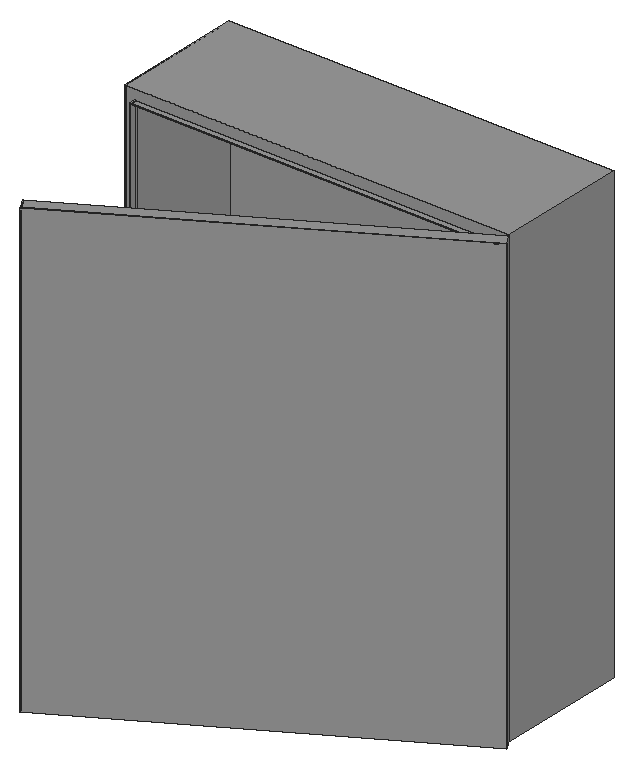
Revit family "Hager-Univers-IP44-D205-H650-Cl.II-Encl-NoHosted-FR-fr", category Electrical Equipment, Revit 2020
Family settings
  Panel Configuration = Two Columns, Circuits Across
  Round Connector Dimension = Use Diameter
  Part Type = Panelboard
  Work Plane-Based = Yes
  Always vertical = Yes
  Cut with Voids When Loaded = No
  Shared = No
  Room Calculation Point = No
Parameters (values of type "saillie IP44 L550 H650 P205  - FP42QS")
  Width Control [instance] = if([EF000008 - largeur] > Min Width, [EF000008 - largeur], Min Width)  # 550 mm
  Type Comments = [HG000003 - Gamme]  # "Univers"
  Thickness Door [instance] = if([EF009171 - épaisseur de matériau de la porte/du couvercle] > 3 mm, 3 mm, [EF009171 - épaisseur de matériau de la porte/du couvercle])  # 1 mm
  Seal Frame Offset [instance] = 17 mm  # constant formula
  Plinth Visibility [instance] = [HG000027 - Hauteur du socle] > 0 mm  # no
  Min Width [instance] = 100 mm  # constant formula
  Min Depth [instance] = (2 * [EF009170 - épaisseur de matériau du boîtier]) + 1 mm  # 3 mm
  Min Height [instance] = 100 mm  # constant formula
  Internal Frame Depth [instance] = (Door System Depth * 0.5)  # 9 mm
  Panel Name [instance] = ""  # (empty or 0)
  Model = ""
  HG000027 - Hauteur du socle = 0 mm
  HG000026 - Installation au sol = no
  HG000024 - Hauteur de la section basse = 600 mm
  HG000023 - Armoire double section = no
  HG000016 - Visibilité de la porte 3D [instance] = yes
  HG000015 - Visibilité de l'emprise de la porte [instance] = no
  HG000014 - Porte à droite [instance] = yes
  HG000013 - Porte à gauche [instance] = not([HG000014 - Porte à droite])  # no
  HG000012 - Angle de pivotement de la porte [instance] = 30.00°
  HG000010 - Portes asymétriques = no
  HG000009 - Porte à double battant = no
  HG000006 - Encastré = no
  HG000004 - Référence fabricant = "FP42QS"
  HG000003 - Gamme = "Univers"
  HG000002 - avec porte = yes
  Frame Offset Bottom [instance] = 10 mm  # constant formula
  Frame Offset [instance] = 15 mm  # constant formula
  EF015940 - couvercle avec décharge de pression = no
  EF011959 - degré de protection (NEMA) = ""
  EF009554 - nombre d'ouvertures pour plaques à bride = 4
  EF009212 - finition du couvercle = "EV000116 - fermé"
  EF009171 - épaisseur de matériau de la porte/du couvercle = 1 mm
  EF009170 - épaisseur de matériau du boîtier = 1 mm
  EF008873 - courant nominal (In) = 250 A
  EF007800 - adapté à un parafoudre = no
  EF006306 - avec serrure = no
  EF006244 - couvercle/porte transparent(e) = no
  EF005474 - indice de protection (IP) = "EV006418 - IP44"
  EF004464 - type de porte = "EV002646 - unique"
  EF004427 - nombre de modules = 96
  EF004293 - indice de protection contre les chocs (IK) = "EV006815 - IK09"
  EF003532 - convient pour utilisation à l’extérieur = no
  EF002950 - largeur en nombre de modules = 24
  EF001613 - maintien de fonction = "EV000494 - sans"
  EF001596 - matériau du boîtier/corps = "EV000179 - acier"
  EF001131 - profondeur intérieure = 143 mm
  EF001088 - possibilité de montage en saillie = yes
  EF000437 - nombre d'entrées de conduit = 4
  EF000339 - type de capot = "EV001012 - couvercle"
  EF000266 - nombre de rangées = 4
  EF000218 - profondeur d'encastrement = 0 mm
  EF000118 - avec cadre/support de montage = no
  EF000116 - numéro RAL = "9010"
  EF000049 - profondeur = 205 mm
  EF000040 - hauteur = 650 mm
  EF000008 - largeur = 550 mm
  EF000007 - couleur = "EV000202 - blanc"
  EF000003 - mode de pose = "EV000384 - saillie"
  Door System Leaf Tolerance [instance] = 1.5 mm  # constant formula
  Door System Depth [instance] = 18 mm  # constant formula
  Door Height [instance] = Height Control - [HG000027 - Hauteur du socle]  # 650 mm
  Description = ""
  Default Elevation = 1219.2 mm
  Connector Offset [instance] = Height Control / 2  # 325 mm
  Manufacturer = "Hager"  # constant formula
  Height Control [instance] = if([EF000040 - hauteur] > Min Height, [EF000040 - hauteur], Min Height)  # 650 mm
  Depth Control [instance] = if([EF000049 - profondeur] > Min Depth, [EF000049 - profondeur], Min Depth)  # 205 mm
  Bottom Top Plate Trim [instance] = 1.5 mm  # constant formula
  Plinth height Ctrl [instance] = if([HG000027 - Hauteur du socle] > 0 mm, [HG000027 - Hauteur du socle], 12 mm)  # 12 mm
Types (2, lengths in mm): name | Width Control | HG000004 - Référence fabricant | EF009554 - nombre d'ouvertures pour plaques à bride | EF004427 - nombre de modules | EF002950 - largeur en nombre de modules | EF000437 - nombre d'entrées de conduit | EF000008 - largeur
  saillie IP44 L300 H650 P205  - FP41QS | 300 | "FP41QS" | 2 | 48 | 12 | 2 | 300
  saillie IP44 L550 H650 P205  - FP42QS | 550 | "FP42QS" | 4 | 96 | 24 | 4 | 550
Reference planes
  plane 1 "Center (Front/Back)": y = 0
  plane 2: z = 0
  plane 3 "Center (Left/Right)": x = 0
  plane 4: y = 0
  plane 5: y = 0
  plane 6: z = 0
  plane 7: x = -275
  plane 8: x = 275
  plane 9: x = 274
  plane 10: x = -274
  plane 11: z = 0
  plane 12: z = 1
  plane 13: y = -205
  plane 14: y = -1
  plane 15: x = 0
  plane 16: y = -187
  plane 17: y = -204
  plane 18: y = -186
  plane 19: x = -259
  plane 20: x = 259
  plane 21: z = 11
  plane 22: x = -258
  plane 23: x = 258
  plane 24: z = 0
  plane 25: z = 650
  plane 26: z = 650
  plane 27: z = 634
  plane 28: z = 649
Forms (mm)
  Extrusion 1, solid, material "Hager_Steel_RAL7035_Light_Grey", detail levels medium+fine
    sketch origin (-208.679, -4572, 0) x (-1, 0, 0) y (0, -1, 0)
      loop
        line (66.321, -4385) -> (-483.679, -4385) -> (-483.679, -4572) -> (66.321, -4572) -> (66.321, -4385)
    from 0 to 650
  Extrusion 2, void
    sketch origin (-350.771, -205, 1219.2) x (1, 0, 0) y (0, 0, 1)
      loop
        line (76.771, -570.2) -> (76.771, -1218.2) -> (624.771, -1218.2) -> (624.771, -570.2) -> (76.771, -570.2)
    from -19 to -204
  Extrusion 3, void
    sketch origin (-290.084, -187, 1219.2) x (1, 0, 0) y (0, 0, 1)
      loop
        line (31.084, -1208.2) -> (549.084, -1208.2) -> (549.084, -585.2) -> (31.084, -585.2) -> (31.084, -1208.2)
    from 0 to -1
  Extrusion 4, solid, material "Hager_Steel_RAL7035_Light_Grey", visible <- "Plinth Visibility", detail levels medium+fine
    sketch origin (0, 0, 0) x (1, 0, 0) y (0, 1, 0)
      loop
        line (-275, 0) -> (-275, -187) -> (275, -187) -> (275, 0) -> (-275, 0)
    from 0 to 12 <- "Plinth height Ctrl"
  Extrusion 5, solid, material "Hager_Steel_RAL7035_Light_Grey", detail levels coarse
    sketch origin (0, 0, 0) x (1, 0, 0) y (0, 1, 0)
      loop
        line (-275, 0) -> (-275, -205) -> (275, -205) -> (275, 0) -> (-275, 0)
    from 0 to 650 <- "Height Control"
  Sweep 6, void
    path in 3D
      loop
        line (-275, -187, 12) -> (275, -187, 12) -> (275, 0, 12) -> (-275, 0, 12) -> (-275, -187, 12)
    profile origin (-275, -93.5, 12) x (1, 0, 0) y (0, 0, 1)
      loop
        line (0, 0) -> (0, -1.5) -> (1.5, -1.5)
        arc (1.5, -1.5) -> (1.061, -0.439) -> (0, 0) r 1.5
  Extrusion 7, solid, material "Hager_Steel_RAL7035_Light_Grey", detail levels fine
    sketch origin (-275, -187, 0) x (1, 0, 0) y (0, 0, 1)
      loop
        line (16, 11) -> (534, 11) -> (534, 634) -> (16, 634) -> (16, 11)
      loop
        line (15, 10) -> (535, 10) -> (535, 635) -> (15, 635) -> (15, 10)
    from 0 to 9 <- "Internal Frame Depth"
Cuts and joins
  Extrusion 2, Extrusion 3 cuts Extrusion 1
  Sweep 6 cuts Extrusion 4
Lines and regions (mm)
  Masking region 1
    outline origin (0, 0, 0) x (1, 0, 0) y (0, 1, 0)
      loop
        line (-275, 0) -> (-275, -205) -> (275, -205) -> (275, 0) -> (-275, 0)
  Masking region 2, detail levels coarse
    outline origin (-290.084, -187, 1219.2) x (-1, 0, 0) y (0, 0, 1)
      loop
        line (-565.084, -1219.2) -> (-15.084, -1219.2) -> (-15.084, -569.2) -> (-565.084, -569.2) -> (-565.084, -1219.2)
  Masking region 3, detail levels coarse
    outline origin (0, 0, 0) x (0, 1, 0) y (0, 0, 1)
      loop
        line (0, 0) -> (0, 650) -> (-205, 650) -> (-205, 0) -> (0, 0)
  Masking region 4, visible <- "Plinth Visibility", detail levels medium+fine
    outline origin (0, 0, 0) x (0, 1, 0) y (0, 0, 1)
      loop
        line (-1.5, 12) -> (-185.5, 12)
        arc (-185.5, 12) -> (-185.939, 10.939) -> (-187, 10.5) r 1.5
        line (-187, 10.5) -> (-187, 0) -> (0, 0) -> (0, 10.5)
        arc (0, 10.5) -> (-1.061, 10.939) -> (-1.5, 12) r 1.5
  Masking region 5, detail levels medium+fine
    outline origin (0, 0, 594.038) x (0, 1, 0) y (0, 0, 1)
      loop
        line (0, -594.038) -> (0, 55.962) -> (-187, 55.962) -> (-187, -594.038) -> (0, -594.038)
  Masking region 6, detail levels medium+fine
    outline origin (-359.7, -187, 1211.883) x (-1, 0, 0) y (0, 0, 1)
      loop
        line (-634.7, -1211.883) -> (-84.7, -1211.883) -> (-84.7, -561.883) -> (-634.7, -561.883) -> (-634.7, -1211.883)
  Masking region 7, visible <- "Plinth Visibility", detail levels medium+fine
    outline origin (-320.334, -187, 1041.368) x (-1, 0, 0) y (0, 0, 1)
      loop
        line (-595.334, -1041.368) -> (-45.334, -1041.368) -> (-45.334, -1030.868)
        arc (-45.334, -1030.868) -> (-46.394, -1030.429) -> (-46.834, -1029.368) r 1.5
        line (-46.834, -1029.368) -> (-593.834, -1029.368)
        arc (-593.834, -1029.368) -> (-594.273, -1030.429) -> (-595.334, -1030.868) r 1.5
        line (-595.334, -1030.868) -> (-595.334, -1041.368)
  sketch lines
    curve 1: line (-275, 0, 12) -> (-275, -187, 12)
    curve 2: line (-275, -187, 12) -> (275, -187, 12)
    curve 3: line (275, 0, 12) -> (-275, 0, 12)
    curve 4: line (275, -187, 12) -> (275, 0, 12)
Dimensions and locks
  locked: plane 1 "Center (Front/Back)" to plane 5
  "EF009170 - épaisseur de matériau du boîtier": plane 7 to plane 10
  "EF009170 - épaisseur de matériau du boîtier": plane 8 to plane 9
  equal spacing: plane 7, plane 3 "Center (Left/Right)", plane 8
  "Width Control": plane 7 to plane 8
  "Depth Control": plane 4 to plane 13
  "EF009170 - épaisseur de matériau du boîtier": plane 4 to plane 14
  "Height Control": plane 25 to level
  "HG000027 - Hauteur du socle": plane 11 to level
  "EF009170 - épaisseur de matériau du boîtier": plane 12 to plane 11
  "EF009170 - épaisseur de matériau du boîtier": plane 17 to plane 13
  "EF009170 - épaisseur de matériau du boîtier": plane 18 to plane 16
  "Frame Offset Bottom": plane 21 to plane 12
  "Frame Offset": plane 10 to plane 19
  "Frame Offset": plane 9 to plane 20
  "Door System Depth": plane 16 to plane 13
  "Seal Frame Offset": plane 7 to plane 22
  "Seal Frame Offset": plane 8 to plane 23
  "EF009170 - épaisseur de matériau du boîtier": plane 26 to plane 28
  "Frame Offset": plane 28 to plane 27
  "Connector Offset": plane 2 to connector elem
  "Bottom Top Plate Trim": profile plane to Sweep 6 sketch curve
  "Bottom Top Plate Trim": Sweep 6 sketch curve to Sweep 6 sketch curve
  "Plinth height Ctrl": Masking region 4 sketch curve to level
  "Plinth height Ctrl": Masking region 7 sketch curve to level
  "Thickness Door": Extrusion 7 sketch curve to Extrusion 7 sketch curve  (x4)
  "Bottom Top Plate Trim": radius of Sweep 6 sketch curve
  "Bottom Top Plate Trim": radius of Masking region 4 sketch curve  (x2)
  "Bottom Top Plate Trim": radius of Masking region 7 sketch curve  (x2)
  aligned and locked: Extrusion 2 sketch curve to plane 12
  aligned and locked: Extrusion 2 sketch curve to plane 9
  aligned and locked: Extrusion 2 sketch curve to plane 10
  aligned and locked: plane 14 to Extrusion 2
  aligned and locked: plane 4 to Extrusion 1 sketch curve
  aligned and locked: plane 8 to Extrusion 1 sketch curve
  aligned and locked: plane 7 to Extrusion 1 sketch curve
  aligned and locked: Extrusion 2 to plane 18
  aligned and locked: Extrusion 3 sketch curve to plane 19
  aligned and locked: plane 20 to Extrusion 3 sketch curve
  aligned and locked: Extrusion 3 to Extrusion 2
  aligned and locked: Extrusion 3 sketch curve to plane 21
  aligned and locked: plane 3 "Center (Left/Right)" to nested 1
  aligned and locked: Extrusion 1 sketch curve to plane 16
  aligned and locked: Extrusion 4 sketch curve to cut or joined group of Extrusion 1, Extrusion 2, Extrusion 3
  aligned and locked: Masking region 1 sketch curve to plane 7
  aligned and locked: Masking region 1 sketch curve to plane 5
  aligned and locked: Masking region 1 sketch curve to plane 8
  aligned and locked: Masking region 2 sketch curve to level
  aligned and locked: level to Masking region 3 sketch curve
  aligned and locked: plane 1 "Center (Front/Back)" to Masking region 3 sketch curve
  aligned and locked: plane 13 to Masking region 3 sketch curve
  aligned and locked: plane 5 to Masking region 4 sketch curve
  aligned and locked: Masking region 2 sketch curve to plane 8
  aligned and locked: Masking region 2 sketch curve to plane 7
  aligned and locked: plane 7 to nested 2
  aligned and locked: nested 2 to plane 5
  aligned and locked: plane 5 to Masking region 5 sketch curve
  aligned and locked: plane 26 to Masking region 5 sketch curve
  aligned and locked: Extrusion 5 sketch curve to plane 8
  aligned and locked: Extrusion 5 sketch curve to plane 7
  aligned and locked: Extrusion 5 sketch curve to plane 5
  aligned and locked: Extrusion 3 sketch curve to plane 27
  aligned and locked: Extrusion 2 sketch curve to plane 28
  aligned and locked: Masking region 2 to plane 25
  aligned and locked: Extrusion 4 to plane 16
  aligned and locked: profile plane to Sweep 6 sketch curve
  aligned and locked: Masking region 5 sketch curve to plane 24
  aligned and locked: level to Masking region 4 sketch curve
  aligned and locked: Masking region 1 to plane 13
  aligned and locked: nested 1 to plane 16
  aligned and locked: Masking region 3 to plane 25
  aligned and locked: plane 16 to Masking region 4 sketch curve
  aligned and locked: Masking region 5 sketch curve to plane 16
  aligned and locked: plane 24 to plane 11
  aligned and locked: plane 26 to plane 25
  aligned and locked: plane 26 to cut or joined group of Extrusion 1, Extrusion 2, Extrusion 3
  aligned and locked: nested 1 to plane 24
  aligned and locked: Extrusion 1 to Extrusion 3
  aligned and locked: Masking region 6 sketch curve to plane 8
  aligned and locked: Masking region 6 sketch curve to plane 24
  aligned and locked: Masking region 6 sketch curve to plane 7
  aligned and locked: Masking region 6 sketch curve to plane 26
  aligned and locked: Masking region 7 sketch curve to plane 7
  aligned and locked: level to Masking region 7 sketch curve
  aligned and locked: Masking region 7 sketch curve to plane 8
  aligned and locked: Extrusion 7 sketch curve to cut or joined group of Extrusion 1, Extrusion 2, Extrusion 3  (x4)
Automatic sketch dimensions
  plane 19 to Extrusion 3 sketch curve = 0 mm
  Extrusion 3 sketch curve to plane 20 = 0 mm
  Extrusion 3 sketch curve to plane 21 = 0 mm
  Extrusion 4 sketch curve to plane 7 = 0 mm
  Extrusion 4 sketch curve to plane 8 = 0 mm
  Extrusion 4 sketch curve to plane 16 = 0 mm
  Masking region 1 sketch curve to plane 13 = 0 mm
  Masking region 2 sketch curve to plane 25 = 0 mm
  Masking region 3 sketch curve to plane 25 = 0 mm
  Extrusion 5 sketch curve to plane 13 = 0 mm
  profile plane to Sweep 6 sketch curve = 0 mm
Nested families
  nested 1: "EC000058_Univers_Door" at (0, -187, 0), Double <- "HG000009 - Porte à double battant", Transparent <- "EF006244 - couvercle/porte transparent(e)", Angle <- "HG000012 - Angle de pivotement de la porte", Door_Right <- "HG000014 - Porte à droite", Assymetrical <- "HG000010 - Portes asymétriques", Door <- "HG000002 - avec porte", Width_Ctrl <- "Width Control", 3d_Door <- "HG000016 - Visibilité de la porte 3D", Clearance <- "HG000015 - Visibilité de l'emprise de la porte", Door_Left <- "HG000013 - Porte à gauche", Width <- "Width Control", Door_Depth <- "Door System Depth", Leaf_Tolerance <- "Door System Leaf Tolerance", Height <- "Door Height", Lock_Visibility <- "EF006306 - avec serrure", Thickness <- "Thickness Door", type "EC000058_Univers_Door", detail levels medium+fine
    with min_wh 3 mm, Width_Ctrl 550 mm, Width 550 mm, Transparent no, Thickness 1 mm, Seal_Material Hager_Rubber, Lock_Visibility no, Lock_Material Hager_Plastic_RAL9005_Jet_Black, Leaf_Width 550 mm, Leaf_Tolerance_External_Sides 0 mm, Leaf_Tolerance 1.5 mm, Leaf_Offset 0 mm, Leaf_Height 647 mm, Leaf_2_Width 550 mm, Leaf_2_Offset 275 mm, Leaf_1_Width 550 mm, Leaf_1_Offset 275 mm, Height_Ctrl 650 mm, Height 650 mm, Glass_Material Hager_Glass, Double_Clearance_Ctrl no, Double no, Door_Right_Ctrl yes, Door_Right yes, Door_Material Hager_Steel_RAL7035_Light_Grey, Door_Left_Ctrl no, Door_Left no, Door_Depth 18 mm, Door yes, Clearance_Material Hager_Clearance, Clearance_Depth 550 mm, Clearance_Ctrl no, Clearance no, Assymetrical no, Angle 30.00°, 3d_Door yes
  nested 2: "Hager_Enclosure_Symbol" at (-275, 0, 0), Height <- "Depth Control", Width <- "Width Control", type "Hager_Enclosure_Symbol"
    with Width_Ctrl 550 mm, Width 550 mm, Height_Ctrl 205 mm, Height 205 mm, A_Width_Int 13.453 mm, A_Width 161.438 mm, A_Height_Ctrl 179.375 mm, A_Height 179.375 mm
Connectors
  electrical at (0, 0, 325)
    settings: on plane 1 "Center (Front/Back)", index 1, voltage 0 V, apparent load 0 VA, apparent load phase1 0 VA, apparent load phase2 0 VA, apparent load phase3 0 VA, power factor 1, load classification "Other", number of poles 1, system type 30, power factor state 1, is connector primary yes, connector utility no, sub classification motor no, connector description ""
Definition of nested family "EC000058_Univers_Door"
  Parameters (values of type "EC000058_Univers_Door")
    min_wh [instance] = (2 * Thickness) + 1 mm  # 11 mm
    Width_Ctrl [instance] = 400 mm
    Width [instance] = 500 mm
    Transparent [instance] = yes
    Thickness [instance] = 5 mm
    Seal_Material [instance] = none
    Lock_Visibility [instance] = yes
    Lock_Material [instance] = none
    Leaf_Width [instance] = if((Width_Ctrl - 2 * Leaf_Tolerance_External_Sides) > 0 mm, (Width_Ctrl - 2 * Leaf_Tolerance_External_Sides), min_wh)  # 400 mm
    Leaf_Tolerance_External_Sides [instance] = 0 mm  # constant formula
    Leaf_Tolerance [instance] = 1.5 mm
    Leaf_Offset [instance] = 0 mm  # constant formula
    Leaf_Height [instance] = if((Height_Ctrl - 2 * Leaf_Tolerance) > 0 mm, (Height_Ctrl - 2 * Leaf_Tolerance), min_wh)  # 497 mm
    Leaf_2_Width [instance] = if(and(and(Double, Assymetrical), Door_Left), (Leaf_Width / 3) - (Leaf_Tolerance / 2), if(and(and(Double, Assymetrical), Door_Right), (Leaf_Width / 3) * 2 - (Leaf_Tolerance / 2), if(and(Double, not(Assymetrical)), (Leaf_Width / 2) - Leaf_Tolerance, Leaf_Width)))  # 400 mm
    Leaf_2_Offset [instance] = if(and(Double, Assymetrical), Leaf_2_Width / 2, if(and(Double, not(Assymetrical)), Leaf_Width / 4, Leaf_Width / 2))  # 200 mm
    Leaf_1_Width [instance] = if(and(and(Double, Assymetrical), Door_Right), (Leaf_Width / 3) - (Leaf_Tolerance / 2), if(and(and(Double, Assymetrical), Door_Left), (Width / 3) * 2 - (Leaf_Tolerance / 2), if(and(Double, not(Assymetrical)), (Leaf_Width / 2) - Leaf_Tolerance, Leaf_Width)))  # 400 mm
    Leaf_1_Offset [instance] = if(and(Double, Assymetrical), Leaf_1_Width / 2, if(and(Double, not(Assymetrical)), Leaf_Width / 4, Leaf_Width / 2))  # 200 mm
    Height_Ctrl [instance] = if(Height > min_wh, Height, min_wh)  # 500 mm
    Height [instance] = 500 mm
    Glass_Material [instance] = none
    Double_Clearance_Ctrl [instance] = and(Double, Clearance)  # no
    Double [instance] = no
    Door_Right_Ctrl [instance] = and(or(Door_Right, Double), Door)  # yes
    Door_Right [instance] = yes
    Door_Material [instance] = none
    Door_Left_Ctrl [instance] = and(or(Door_Left, Double), Door)  # no
    Door_Left [instance] = no
    Door_Depth [instance] = 30 mm
    Door [instance] = yes
    Default Elevation = 1219.2 mm
    Clearance_Material [instance] = none
    Clearance_Depth [instance] = if(Leaf_1_Width > Leaf_2_Width, Leaf_1_Width, Leaf_2_Width)  # 400 mm
    Clearance_Ctrl [instance] = and(not(Double), Clearance)  # yes
    Clearance [instance] = yes
    Assymetrical [instance] = yes
    Angle [instance] = 30.00°
    3d_Door [instance] = yes
  Reference planes
    plane 1 "Center (Front/Back)": y = 0
    plane 2 "Bottom": z = 0
    plane 3 "Center (Left/Right)": x = 0
    plane 4: z = 500
    plane 5: x = -200
    plane 6: x = 200
    plane 7: z = 500
    plane 8: x = -200
    plane 9: z = 0
    plane 10: x = 200
    plane 11: y = 0
    plane 12: z = 1.5
    plane 13: x = -600
    plane 14: y = -400
    plane 15: x = 600
    plane 16: x = 0
    plane 17: x = 0
    plane 18: x = -200
    plane 19: x = 200
    plane 20: z = 498.5
  Forms (mm)
    Extrusion 1, solid, material <- "Clearance_Material", visible <- "Double_Clearance_Ctrl"
      sketch origin (1200, 0, 0) x (1, 0, 0) y (0, 0, -1)
        loop
          line (-1800, -498.5) -> (-600, -498.5) -> (-600, 0) -> (-1800, 0) -> (-1800, -498.5)
      from 0 to -400
  Dimensions and locks
    equal spacing: plane 5, plane 3 "Center (Left/Right)", plane 6
    "Width_Ctrl": plane 5 to plane 6
    "Leaf_Offset": plane 5 to plane 8
    "Leaf_Offset": plane 6 to plane 10
    "Leaf_Offset": plane 9 to level
    "Leaf_Offset": plane 4 to plane 7
    "Height_Ctrl": plane 4 to level
    "Leaf_Tolerance": plane 12 to plane 9
    locked: plane 11 to plane 1 "Center (Front/Back)"
    "Leaf_1_Offset": plane 18 to plane 16
    "Leaf_2_Offset": plane 17 to plane 19
    "Leaf_1_Width": plane 13 to plane 8
    "Leaf_2_Width": plane 10 to plane 15
    "Clearance_Depth": plane 14 to plane 1 "Center (Front/Back)"
    "Leaf_Tolerance_External_Sides": plane 8 to plane 18
    "Leaf_Tolerance_External_Sides": plane 19 to plane 10
    "Leaf_Tolerance": plane 7 to plane 20
    aligned and locked: level to plane 2 "Bottom"
    aligned and locked: nested 1 to plane 16
    aligned and locked: nested 2 to plane 17
    aligned and locked: Extrusion 1 to plane 13
    aligned and locked: plane 15 to Extrusion 1
    aligned and locked: Extrusion 1 to plane 14
    aligned and locked: plane 12 to nested 1
    aligned and locked: nested 2 to plane 12
    aligned and locked: Extrusion 1 to plane 11
    aligned and locked: plane 20 to Extrusion 1
    aligned and locked: nested 2 to plane 11
    aligned and locked: nested 1 to plane 11
  Automatic sketch dimensions
    Extrusion 1 sketch curve to level = 0 mm
    plane 5 to Extrusion 1 sketch curve = 400 mm
    plane 6 to Extrusion 1 sketch curve = 400 mm
    Extrusion 1 sketch curve to plane 4 = 1.5 mm
  Nested families
    nested 1: "EC000058_Univers_Door_Leaf" at (0, 0, 1.5), Width <- "Leaf_1_Width", visible <- "Door_Left_Ctrl", Leaf_Height <- "Leaf_Height", Angle <- "Angle", 3d_Door <- "3d_Door", Transparent <- "Transparent", Clearance Material <- "Clearance_Material", Clearance <- "Clearance_Ctrl", Door_Material <- "Door_Material", Glass_Material <- "Glass_Material", Door_Depth <- "Door_Depth", Lock_Material <- "Lock_Material", Seal_Material <- "Seal_Material", Lock_Visibility <- "Lock_Visibility", Thickness <- "Thickness", type "EC000058_Univers_Door_Leaf"
      with Width 400 mm, Transparent_Glass_Offset 30 mm, Transparent_Ctrl yes, Transparent yes, Thickness 5 mm, Standard no, Seal_Material none, Seal_D2 8 mm, Seal_D1 1 mm, Offset_Internal_Frame 10 mm, Lock_Width 20 mm, Lock_Visibility_3d yes, Lock_Visibility yes, Lock_Thickness_3 3 mm, Lock_Thickness_2 1 mm, Lock_Thickness_1 3 mm, Lock_Radius_Offset_2 16 mm, Lock_Radius_Offset_1 15 mm, Lock_Radius_2 5 mm, Lock_Radius 6 mm, Lock_Offset 5 mm, Lock_Material none, Lock_Height 80 mm, Lock_Cover_Top_Offset_2d 17 mm, Lock_Cover_Height -65 mm, Leaf_Height 497 mm, Internal_Seal_Thickness 8 mm, Internal_Seal_Depth_2 4.5 mm, Internal_Frame_Depth 25 mm, Glass_Thickness -1 mm, Glass_Offset -2 mm, Glass_Material none, Door_Material none, Door_Depth 30 mm, Clearance Material none, Clearance yes, Angle_Ctrl 30.00°, Angle 30.00°, 3d_Door yes
    nested 2: "EC000058_Univers_Door_Leaf" at (0, 0, 1.5) x (-1, 0, 0) z (0, 0, 1), Width <- "Leaf_2_Width", visible <- "Door_Right_Ctrl", Leaf_Height <- "Leaf_Height", Angle <- "Angle", 3d_Door <- "3d_Door", Transparent <- "Transparent", Clearance Material <- "Clearance_Material", Clearance <- "Clearance_Ctrl", Door_Material <- "Door_Material", Glass_Material <- "Glass_Material", Door_Depth <- "Door_Depth", Lock_Material <- "Lock_Material", Seal_Material <- "Seal_Material", Lock_Visibility <- "Lock_Visibility", Thickness <- "Thickness", type "EC000058_Univers_Door_Leaf"
      with Width 400 mm, Transparent_Glass_Offset 30 mm, Transparent_Ctrl yes, Transparent yes, Thickness 5 mm, Standard no, Seal_Material none, Seal_D2 8 mm, Seal_D1 1 mm, Offset_Internal_Frame 10 mm, Lock_Width 20 mm, Lock_Visibility_3d yes, Lock_Visibility yes, Lock_Thickness_3 3 mm, Lock_Thickness_2 1 mm, Lock_Thickness_1 3 mm, Lock_Radius_Offset_2 16 mm, Lock_Radius_Offset_1 15 mm, Lock_Radius_2 5 mm, Lock_Radius 6 mm, Lock_Offset 5 mm, Lock_Material none, Lock_Height 80 mm, Lock_Cover_Top_Offset_2d 17 mm, Lock_Cover_Height -65 mm, Leaf_Height 497 mm, Internal_Seal_Thickness 8 mm, Internal_Seal_Depth_2 4.5 mm, Internal_Frame_Depth 25 mm, Glass_Thickness -1 mm, Glass_Offset -2 mm, Glass_Material none, Door_Material none, Door_Depth 30 mm, Clearance Material none, Clearance yes, Angle_Ctrl 30.00°, Angle 30.00°, 3d_Door yes
  Definition of nested family "EC000058_Univers_Door_Leaf"
    Parameters (values of type "EC000058_Univers_Door_Leaf")
      Width [instance] = 2000 mm
      Transparent_Glass_Offset [instance] = 30 mm
      Transparent_Ctrl [instance] = and(Transparent, [3d_Door])  # yes
      Transparent [instance] = yes
      Thickness [instance] = 5 mm
      Standard [instance] = and(not(Transparent), [3d_Door])  # no
      Seal_Material [instance] = none
      Seal_D2 [instance] = 8 mm  # constant formula
      Seal_D1 [instance] = 1 mm  # constant formula
      Offset_Internal_Frame [instance] = 10 mm  # constant formula
      Lock_Width [instance] = 20 mm  # constant formula
      Lock_Visibility_3d [instance] = and(Lock_Visibility, [3d_Door])  # yes
      Lock_Visibility [instance] = yes
      Lock_Thickness_3 [instance] = 3 mm  # constant formula
      Lock_Thickness_2 [instance] = 1 mm  # constant formula
      Lock_Thickness_1 [instance] = 3 mm  # constant formula
      Lock_Radius_Offset_2 [instance] = Lock_Radius_Offset_1 + 1 mm  # 16 mm
      Lock_Radius_Offset_1 [instance] = 15 mm  # constant formula
      Lock_Radius_2 [instance] = Lock_Radius - 1 mm  # 5 mm
      Lock_Radius [instance] = 6 mm  # constant formula
      Lock_Offset [instance] = 5 mm  # constant formula
      Lock_Material [instance] = none
      Lock_Height [instance] = 80 mm  # constant formula
      Lock_Cover_Top_Offset_2d [instance] = Lock_Radius_Offset_2 + 1 mm  # 17 mm
      Lock_Cover_Height [instance] = -(Lock_Height - Lock_Radius_Offset_1)  # -65 mm
      Leaf_Height [instance] = 2720.336 mm
      Internal_Seal_Thickness [instance] = 8 mm  # constant formula
      Internal_Seal_Depth_2 [instance] = 4.5 mm  # constant formula
      Internal_Frame_Depth [instance] = if(Door_Depth - Thickness > 5 mm, Door_Depth - Thickness, 5 mm)  # 25 mm
      Glass_Thickness [instance] = if(Thickness > 15 mm, Glass_Offset + 10 mm, -1 mm)  # -1 mm
      Glass_Offset [instance] = if(Thickness > 15 mm, -(Thickness + 10 mm) / 2, -2 mm)  # -2 mm
      Glass_Material [instance] = none
      Door_Material [instance] = none
      Door_Depth [instance] = 30 mm
      Default Elevation = 0 mm
      Clearance Material [instance] = none
      Clearance [instance] = yes
      Angle_Ctrl [instance] = if(Angle > 180.00°, 180.00°, Angle)  # 90.00°
      Angle [instance] = 90.00°
      3d_Door [instance] = yes
    Reference planes
      plane 1 "Center (Front/Back)": y = 0
      plane 2: z = 0
      plane 3 "Center (Left/Right)": x = 0
      plane 4: y = 2000
      plane 5: x = -1000
      plane 6: x = 1000
      plane 7: x = -3000
      plane 8: z = 2720.336
      plane 9: z = 30
      plane 10: z = 2690.336
      plane 11: x = 970
      plane 12: x = -970
      plane 13: y = -3
      plane 14: z = 107.833
      plane 15: y = -5
      plane 16: y = -223.314
      plane 17: x = -1000
      plane 18: z = 1360.168
      plane 19: y = 30
    Forms (mm)
      Extrusion 1, solid, material <- "Clearance Material", visible <- "Clearance"
        sketch origin (0, 0, 0) x (1, 0, 0) y (0, 0, 1)
          loop
            line (-3000, 2720.336) -> (-3000, 0) -> (1000, 0) -> (1000, 2720.336) -> (-3000, 2720.336)
        from 0 to -2000
      Extrusion 2, solid, material <- "Door_Material", visible <- "Standard", detail levels medium+fine
        sketch origin (-1000, 0, 0) x (0, 1, 0) y (-1, 0, 0)
          loop
            line (0, 30) -> (0, 25) -> (2000, 25) -> (2000, 30) -> (0, 30)
        from 0 to 2720.336 <- "Leaf_Height"
      Extrusion 3, solid, material <- "Door_Material", visible <- "Transparent_Ctrl", detail levels medium+fine
        sketch origin (-1000, 0, 0) x (0, 1, 0) y (-1, 0, 0)
          loop
            line (0, 25) -> (2000, 25) -> (2000, 30) -> (0, 30) -> (0, 25)
        from 0 to 2720.336 <- "Leaf_Height"
      Extrusion 4, void
        sketch origin (-1025, 2000, 0) x (0, 1, 0) y (0, 0, -1)
          loop
            line (-30, -2690.336) -> (-30, -30) -> (-1970, -30) -> (-1970, -2690.336) -> (-30, -2690.336)
        from 0 to 5 <- "Thickness"
      Sweep 5, solid, material <- "Seal_Material", visible <- "Transparent_Ctrl", detail levels fine
        path in 3D
          loop
            line (-1025, 30, 30) -> (-1025, 30, 2690.336) -> (-1025, 1970, 2690.336) -> (-1025, 1970, 30) -> (-1025, 30, 30)
        profile origin (-1025, 1000, 30) x (1, 0, 0) y (0, 0, 1)
          loop
            line (0, 0) -> (0, -8) -> (1, -8) -> (1, 0) -> (0, 0)
      Extrusion 6, solid, material <- "Glass_Material", visible <- "Transparent_Ctrl", detail levels medium+fine
        sketch origin (-1030, 0, 0) x (0, 1, 0) y (0, 0, -1)
          loop
            line (1970, -2690.336) -> (1970, -30) -> (30, -30) -> (30, -2690.336) -> (1970, -2690.336)
        from -2 <- "Glass_Offset" to -1 <- "Glass_Thickness"
      Extrusion 7, solid, material <- "Door_Material", visible <- "3d_Door", detail levels medium+fine
        sketch origin (-1025, 2000, 0) x (0, -1, 0) y (0, 0, -1)
          loop
            line (0, -2720.336) -> (2000, -2720.336) -> (2000, 0) -> (0, 0) -> (0, -2720.336)
          loop
            line (1995, -5) -> (5, -5) -> (5, -2715.336) -> (1995, -2715.336) -> (1995, -5)
        from 0 to 25 <- "Internal_Frame_Depth"
      Sweep 8, solid, material <- "Seal_Material", visible <- "Transparent_Ctrl", detail levels fine
        path in 3D
          loop
            line (-1025, 0, 0) -> (-1025, 2000, 0) -> (-1025, 2000, 2720.336) -> (-1025, 0, 2720.336) -> (-1025, 0, 0)
        profile origin (-1025, 0, 1360.168) x (1, 0, 0) y (0, 1, 0)
          loop
            line (0, 10) -> (2.975, 10)
            arc (2.975, 10) -> (4.053, 10.447) -> (4.5, 11.525) r 1.525
            line (4.5, 11.525) -> (4.5, 16.527)
            arc (4.5, 16.527) -> (4.069, 17.569) -> (3.027, 18) r 1.473
            line (3.027, 18) -> (0, 18) -> (0, 10)
      Extrusion 9, solid, material <- "Lock_Material", visible <- "Lock_Visibility_3d", detail levels fine
        sketch origin (-1030, 0, 0) x (0, 1, 0) y (0, 0, -1)
          loop
            arc (1993.5, -1400.168) -> (1994.561, -1399.729) -> (1995, -1398.668) r 1.5
            line (1995, -1398.668) -> (1995, -1320.168) -> (1975, -1320.168) -> (1975, -1398.668)
            arc (1975, -1398.668) -> (1975.439, -1399.729) -> (1976.5, -1400.168) r 1.5
            line (1976.5, -1400.168) -> (1993.5, -1400.168)
        from 3 <- "Lock_Thickness_1" to 0
      Blend 10, solid, material <- "Lock_Material", visible <- "Lock_Visibility_3d", detail levels fine
        base sketch origin (-1033, 0, 0) x (0, 1, 0) y (0, 0, -1)
          loop
            line (1975, -1320.168) -> (1975, -1398.668)
            arc (1975, -1398.668) -> (1975.439, -1399.729) -> (1976.5, -1400.168) r 1.5
            line (1976.5, -1400.168) -> (1993.5, -1400.168)
            arc (1993.5, -1400.168) -> (1994.561, -1399.729) -> (1995, -1398.668) r 1.5
            line (1995, -1398.668) -> (1995, -1320.168) -> (1975, -1320.168)
        top sketch origin (-1033, 0, 0) x (0, 1, 0) y (0, 0, -1)
          loop
            line (1976, -1320.168) -> (1976, -1398.668)
            arc (1976, -1398.668) -> (1976.146, -1399.022) -> (1976.5, -1399.168) r 0.5
            line (1976.5, -1399.168) -> (1993.5, -1399.168)
            arc (1993.5, -1399.168) -> (1993.854, -1399.022) -> (1994, -1398.668) r 0.5
            line (1994, -1398.668) -> (1994, -1320.168) -> (1976, -1320.168)
        from 0 to 1 <- "Lock_Thickness_2"
      Blend 11, solid, material <- "Lock_Material", visible <- "Lock_Visibility_3d", detail levels fine
        base sketch origin (-1034, 0, 0) x (0, 1, 0) y (0, 0, -1)
          loop
            line (1978, -1320.168) -> (1978, -1384.168)
            arc (1978, -1384.168) -> (1985, -1391.168) -> (1992, -1384.168) r 7
            line (1992, -1384.168) -> (1992, -1320.168) -> (1978, -1320.168)
        top sketch origin (-1034, 0, 0) x (0, 1, 0) y (0, 0, -1)
          loop
            line (1991, -1320.168) -> (1979, -1320.168) -> (1979, -1383.168)
            arc (1979, -1383.168) -> (1985, -1389.168) -> (1991, -1383.168) r 6
            line (1991, -1383.168) -> (1991, -1320.168)
        from 0 to 3 <- "Lock_Thickness_3"
      Extrusion 12, solid, material <- "Lock_Material", visible <- "Lock_Visibility_3d", detail levels fine
        sketch origin (-1030, 1975, 1320.168) x (1, 0, 0) y (0, -1, 0)
          loop
            line (-7, -19) -> (-7, -1) -> (0, -1) -> (0, 0) -> (-8, 0) -> (-8, -20) -> (0, -20) -> (0, -19) -> (-7, -19)
        from 0 to -65 <- "Lock_Cover_Height"
      Extrusion 13, void
        sketch origin (-1038, 1995, 1320.168) x (-1, 0, 0) y (0, 0, -1)
          loop
            line (-5, -65) -> (0, -65) -> (-5, -60) -> (-5, -65)
        from 0 to 20 <- "Lock_Width"
      Extrusion 14, void
        sketch origin (-1038, 1975, 1320.168) x (0, -1, 0) y (0, 0, -1)
          loop
            circle (-10, -15.995) r 6
          loop
            circle (-10, -15.995) r 5
        from 0 to 2
      Extrusion 15, solid, material <- "Lock_Material", visible <- "Lock_Visibility_3d", detail levels medium
        sketch origin (-1030, 0, 0) x (0, 1, 0) y (0, 0, -1)
          loop
            arc (1993.5, -1400.168) -> (1994.561, -1399.729) -> (1995, -1398.668) r 1.5
            line (1995, -1398.668) -> (1995, -1320.168) -> (1975, -1320.168) -> (1975, -1398.668)
            arc (1975, -1398.668) -> (1975.439, -1399.729) -> (1976.5, -1400.168) r 1.5
            line (1976.5, -1400.168) -> (1993.5, -1400.168)
        from 8 to 0
    Cuts and joins
      Extrusion 4 cuts Extrusion 3
      Extrusion 13, Extrusion 14 cuts Extrusion 9
      Extrusion 14 cuts Blend 11
      Extrusion 13, Extrusion 14 cuts Extrusion 12
      joined: Extrusion 9, Blend 10, Blend 11, Extrusion 12
      Extrusion 14 cuts Extrusion 15
    Lines and regions (mm)
      Masking region 1, visible <- "Lock_Visibility", detail levels fine
        outline origin (0, 0, 0) x (0, 1, 0) y (0, 0, 1)
          loop
            line (30, 1320.168) -> (33, 1320.168) -> (33, 1400.168) -> (30, 1400.168) -> (30, 1320.168)
      Masking region 2, visible <- "Lock_Visibility", detail levels fine
        outline origin (0, 3.143, 0) x (0, 1, 0) y (0, 0, 1)
          loop
            line (29.857, 1354.168) -> (30.857, 1354.168) -> (30.857, 1366.168) -> (29.857, 1366.168) -> (29.857, 1354.168)
      Masking region 3, detail levels medium+fine
        outline origin (0, 0, 0) x (0, 1, 0) y (0, 0, 1)
          loop
            line (0, 0) -> (30, 0) -> (30, 2720.336) -> (0, 2720.336) -> (0, 0)
      Masking region 4, detail levels medium+fine
        outline origin (0, 0, 0) x (1, 0, 0) y (0, 0, 1)
          loop
            line (-1000, 2720.336) -> (-1000, 0) -> (1000, 0) -> (1000, 2720.336) -> (-1000, 2720.336)
      Masking region 5, visible <- "Lock_Visibility", detail levels fine
        outline origin (-47.116, 0, 0) x (1, 0, 0) y (0, 0, 1)
          loop
            arc (1024.616, 1399.168) -> (1023.556, 1398.729) -> (1023.116, 1397.668) r 1.5
            line (1023.116, 1397.668) -> (1023.116, 1320.168) -> (1041.116, 1320.168) -> (1041.116, 1397.668)
            arc (1041.116, 1397.668) -> (1040.677, 1398.729) -> (1039.616, 1399.168) r 1.5
            line (1039.616, 1399.168) -> (1024.616, 1399.168)
      Masking region 6, visible <- "Lock_Visibility", detail levels medium+fine
        outline origin (-25, 0, 0) x (1, 0, 0) y (0, 0, 1)
          loop
            arc (1001.5, 1400.168) -> (1000.439, 1399.729) -> (1000, 1398.668) r 1.5
            line (1000, 1398.668) -> (1000, 1320.168) -> (1020, 1320.168) -> (1020, 1398.668)
            arc (1020, 1398.668) -> (1019.561, 1399.729) -> (1018.5, 1400.168) r 1.5
            line (1018.5, 1400.168) -> (1001.5, 1400.168)
      Masking region 7, visible <- "Lock_Visibility", detail levels fine
        outline origin (-73.735, 0, 0) x (1, 0, 0) y (0, 0, 1)
          loop
            line (1051.735, 1382.168) -> (1065.735, 1382.168) -> (1065.735, 1384.168)
            arc (1065.735, 1384.168) -> (1058.735, 1391.168) -> (1051.735, 1384.168) r 7
            line (1051.735, 1384.168) -> (1051.735, 1382.168)
      Masking region 8, visible <- "Lock_Visibility", detail levels fine
        outline origin (-73.735, 0, 0) x (1, 0, 0) y (0, 0, 1)
          loop
            line (1052.735, 1382.168) -> (1064.735, 1382.168) -> (1064.735, 1383.168)
            arc (1064.735, 1383.168) -> (1058.735, 1389.168) -> (1052.735, 1383.168) r 6
            line (1052.735, 1383.168) -> (1052.735, 1382.168)
      Masking region 9, visible <- "Lock_Visibility", detail levels fine
        outline origin (-25, 0, 0) x (1, 0, 0) y (0, 0, 1)
          loop
            line (1020, 1320.168) -> (1020, 1382.168) -> (1000, 1382.168) -> (1000, 1320.168) -> (1020, 1320.168)
      Masking region 10, detail levels medium+fine
        outline origin (0, 0, 0) x (1, 0, 0) y (0, 0, 1)
          loop
            circle (985, 1335.144) r 6
      Masking region 11, detail levels fine
        outline origin (0, 0, 0) x (1, 0, 0) y (0, 0, 1)
          loop
            circle (985, 1335.144) r 5
      Masking region 12, visible <- "Lock_Visibility", detail levels fine
        outline origin (0, 12.767, 0) x (0, 1, 0) y (0, 0, 1)
          loop
            line (20.233, 1320.168) -> (21.233, 1320.168) -> (21.233, 1399.168) -> (20.233, 1400.168) -> (20.233, 1320.168)
      Masking region 13, visible <- "Lock_Visibility", detail levels fine
        outline origin (0, 13.767, -10) x (0, 1, 0) y (0, 0, 1)
          loop
            line (20.233, 1330.168) -> (23.233, 1330.168) -> (23.233, 1399.168) -> (20.233, 1402.168) -> (20.233, 1330.168)
      Masking region 14, visible <- "Lock_Visibility", detail levels fine
        outline origin (0, 12.767, -10) x (0, 1, 0) y (0, 0, 1)
          loop
            line (20.233, 1330.168) -> (25.233, 1330.168) -> (25.233, 1399.305) -> (20.233, 1394.305) -> (20.233, 1330.168)
      Masking region 15, visible <- "Lock_Visibility", detail levels medium
        outline origin (0, 0, 0) x (0, 1, 0) y (0, 0, 1)
          loop
            line (30, 1320.168) -> (38, 1320.168) -> (38, 1400.168) -> (30, 1400.168) -> (30, 1320.168)
      Masking region 16, visible <- "Lock_Visibility", detail levels fine
        outline origin (-1000, 0, 0) x (0, 1, 0) y (-1, 0, 0)
          loop
            line (1975, 30) -> (1995, 30) -> (1995, 38) -> (1975, 38) -> (1975, 30)
          loop
            line (1979, 37) -> (1976, 37) -> (1976, 34) -> (1978, 34) -> (1979, 37)
          loop
            line (1994, 37) -> (1991, 37) -> (1992, 34) -> (1994, 34) -> (1994, 37)
      Masking region 17, visible <- "Lock_Visibility", detail levels medium
        outline origin (-1000, 0, 0) x (0, 1, 0) y (-1, 0, 0)
          loop
            line (1975, 30) -> (1995, 30) -> (1995, 38) -> (1975, 38) -> (1975, 30)
      symbolic lines
        curve 1: line (1000, 0, 0) -> (-3000, 0, 0)
        curve 2: arc (1000, 0, 0) -> (-1000, 2000, 0) -> (-3000, 0, 0) r 2000
        curve 4: line (-1030, 0, 0) -> (-1030, 2000, 0)
      reference lines
        curve 3: line (-1000, 0, 0) -> (-1000, 2000, 0)
      symbolic lines, detail levels medium+fine
        curve 5: line (-1030, 2000, 0) -> (-1025, 2000, 0)
        curve 7: line (-1025, 0, 0) -> (-1030, 0, 0)
        curve 8: line (-1025, 0, 0) -> (-1000, 0, 0)
        curve 9: line (-1000, 0, 0) -> (-1000, 2000, 0)
        curve 10: line (-1000, 2000, 0) -> (-1025, 2000, 0)
      symbolic lines, detail levels fine
        curve 6: line (-1025, 2000, 0) -> (-1025, 0, 0)
      sketch lines
        curve 11: line (-1025, 0, 2720.336) -> (-1025, 0, 0)
        curve 12: line (-1025, 2000, 0) -> (-1025, 0, 0)
        curve 13: line (-1025, 2000, 2720.336) -> (-1025, 2000, 0)
        curve 14: line (-1025, 0, 2720.336) -> (-1025, 2000, 2720.336)
        curve 15: line (-1025, 1970, 30) -> (-1025, 30, 30)
        curve 16: line (-1025, 30, 30) -> (-1025, 30, 2690.336)
        curve 17: line (-1025, 1970, 2690.336) -> (-1025, 1970, 30)
        curve 18: line (-1025, 30, 2690.336) -> (-1025, 1970, 2690.336)
      symbolic lines, visible <- "Transparent", detail levels medium+fine
        curve 19: line (-970, 0, 2690.336) -> (970, 0, 2690.336)
        curve 20: line (-970, 0, 30) -> (-970, 0, 2690.336)
        curve 21: line (970, 0, 30) -> (-970, 0, 30)
        curve 22: line (970, 0, 2690.336) -> (970, 0, 30)
    Dimensions and locks
      "Width": plane 1 "Center (Front/Back)" to plane 4
      equal spacing: plane 5, plane 3 "Center (Left/Right)", plane 6
      "Width": plane 5 to plane 6
      "Width": plane 7 to plane 5
      "Leaf_Height": plane 8 to level
      "Width": curve 5 to curve 3
      "Width": curve 3 to curve 3
      plane 8 to plane 10 = 30 mm
      plane 9 to level = 30 mm
      plane 12 to plane 5 = 30 mm
      plane 6 to plane 11 = 30 mm
      Extrusion 1 to Extrusion 4 sketch curve = 30 mm
      "Transparent_Glass_Offset": curve 3 to Extrusion 4 sketch curve
      "Transparent_Glass_Offset": Extrusion 4 sketch curve to cut or joined group of Extrusion 3, Extrusion 4  (x2)
      cut or joined group of Extrusion 3, Extrusion 4 to Extrusion 6 sketch curve = 30 mm
      "Transparent_Glass_Offset": cut or joined group of Extrusion 3, Extrusion 4 to Extrusion 4 sketch curve
      "Thickness": curve 6 to curve 4
      "Thickness": Extrusion 7 sketch curve to Extrusion 7 sketch curve  (x4)
      "Door_Depth": curve 4 to curve 3
      "Offset_Internal_Frame": profile plane to Sweep 8 sketch curve
      "Internal_Seal_Thickness": Sweep 8 sketch curve to Sweep 8 sketch curve
      "Internal_Seal_Depth_2": profile plane to Sweep 8 sketch curve
      "Seal_D1": profile plane to Sweep 5 sketch curve
      "Seal_D2": profile plane to Sweep 5 sketch curve
      "Thickness": Extrusion 2 sketch curve to Extrusion 2 sketch curve
      equal spacing: Extrusion 9 sketch curve, plane 18, Extrusion 9 sketch curve  (x2)
      equal spacing: Masking region 1 sketch curve, plane 18, Masking region 1 sketch curve
      "Lock_Height": Masking region 1 sketch curve to Masking region 1 sketch curve
      "Lock_Radius": Masking region 2 sketch curve to plane 18 to Masking region 2 sketch curve
      Masking region 2 sketch curve to Masking region 1 = 1 mm
      "Door_Depth": plane 19 to plane 1 "Center (Front/Back)"
      "Lock_Thickness_1": Masking region 1 sketch curve to plane 19
      "Lock_Width": Extrusion 9 sketch curve to Extrusion 9 sketch curve
      "Lock_Height": Extrusion 9 sketch curve to Extrusion 9 sketch curve
      "Lock_Offset": cut or joined group of Extrusion 3, Extrusion 4 to Extrusion 9 sketch curve
      equal spacing: plane 8, plane 18, level
      "Lock_Radius_Offset_1": Blend 11 sketch curve to Blend 10
      locked: Blend 10 to Blend 11 sketch curve at 2  (x2)
      locked: var sketch to Blend 11 sketch curve at 1  (x2)
      "Lock_Radius_Offset_2": Blend 11 sketch curve to Blend 10
      locked: Extrusion 12 sketch curve to Extrusion 12 sketch curve at 1  (x3)
      Masking region 6 sketch curve to Masking region 6 sketch curve = 80 mm
      "Lock_Height": Masking region 6 sketch curve to Masking region 6 sketch curve
      "Lock_Width": Masking region 6 sketch curve to Masking region 6 sketch curve
      locked: Masking region 6 to Masking region 5 sketch curve at 1  (x3)
      locked: Masking region 5 to Masking region 7 sketch curve at 2  (x2)
      "Lock_Radius_Offset_1": Masking region 5 to Masking region 7 sketch curve
      "Lock_Radius_Offset_2": Masking region 5 to Masking region 8 sketch curve
      locked: Masking region 7 to Masking region 8 sketch curve at 1  (x2)
      "Lock_Cover_Top_Offset_2d": Masking region 5 to Masking region 9 sketch curve
      equal spacing: Masking region 9, Masking region 10 sketch curve, Masking region 9
      equal spacing: Masking region 9, Masking region 11 sketch curve, Masking region 9
      Extrusion 15 sketch curve to Extrusion 15 sketch curve = 80 mm
      "Lock_Width": Extrusion 15 sketch curve to Extrusion 15 sketch curve
      "Lock_Height": Extrusion 15 sketch curve to Extrusion 15 sketch curve
      equal spacing: Extrusion 15 sketch curve, plane 18, Extrusion 15 sketch curve
      "Lock_Thickness_3": Masking region 13 sketch curve to Masking region 13 sketch curve
      "Lock_Height": Masking region 12 sketch curve to Masking region 12 sketch curve
      locked: Masking region 13 sketch curve to Masking region 1 at 8
      locked: Masking region 14 sketch curve to Masking region 13 at 1
      locked: Masking region 14 sketch curve to Masking region 1 at 10.863
      "Lock_Height": Masking region 15 sketch curve to Masking region 15 sketch curve
      "Lock_Offset": Extrusion 15 sketch curve to cut or joined group of Extrusion 3, Extrusion 4
      "Lock_Offset": plane 6 to Masking region 6 sketch curve
      radius of Sweep 8 sketch curve = 1.525 mm
      radius of Sweep 8 sketch curve = 1.473 mm
      radius of Extrusion 9 sketch curve = 1.5 mm  (x2)
      "Lock_Radius": radius of Extrusion 14 sketch curve
      "Lock_Radius_2": radius of Extrusion 14 sketch curve
      "Lock_Radius": radius of Masking region 10 sketch curve
      "Lock_Radius_2": radius of Masking region 11 sketch curve
      radius of Extrusion 15 sketch curve = 1.5 mm  (x2)
      "Angle_Ctrl": angle plane 1 "Center (Front/Back)" to curve 3
      locked: Masking region 12 sketch curve to Masking region 12 sketch curve (angle 45.00°)
      locked: Masking region 13 sketch curve to Masking region 13 sketch curve (angle 45.00°)
      locked: Masking region 14 sketch curve to Masking region 14 sketch curve (angle 45.00°)
      aligned and locked: level to plane 2
      aligned and locked: Extrusion 1 to curve 1
      aligned and locked: plane 6 to Extrusion 1
      aligned and locked: Extrusion 1 to plane 1 "Center (Front/Back)"
      aligned and locked: plane 4 to Extrusion 1
      aligned and locked: plane 8 to Extrusion 1
      aligned and locked: curve 7 to Extrusion 2 sketch curve
      aligned and locked: curve 5 to Extrusion 2 sketch curve
      aligned and locked: curve 7 to Extrusion 3 sketch curve
      aligned and locked: Extrusion 3 sketch curve to curve 4
      aligned and locked: Extrusion 3 sketch curve to curve 6
      aligned and locked: Extrusion 3 sketch curve to curve 5
      aligned and locked: curve 9 to curve 3
      aligned and locked: Extrusion 7 sketch curve to cut or joined group of Extrusion 3, Extrusion 4  (x4)
      aligned and locked: plane 17 to curve 3
      aligned and locked: plane 1 "Center (Front/Back)" to curve 3
      aligned and locked: plane 17 to plane 5
      aligned and locked: Sweep 8 sketch curve to profile plane
      aligned and locked: Sweep 5 sketch curve to profile plane  (x2)
      aligned and locked: Masking region 1 to Masking region 2 sketch curve
      aligned and locked: plane 19 to Masking region 1 sketch curve
      aligned and locked: plane 1 "Center (Front/Back)" to Masking region 3 sketch curve
      aligned and locked: plane 19 to Masking region 3 sketch curve
      aligned and locked: level to Masking region 3 sketch curve
      aligned and locked: Masking region 3 sketch curve to plane 8
      aligned and locked: plane 17 to Masking region 4 sketch curve
      aligned and locked: level to Masking region 4 sketch curve
      aligned and locked: Masking region 4 sketch curve to plane 8
      aligned and locked: plane 12 to curve 20
      aligned and locked: plane 10 to curve 19
      aligned and locked: plane 11 to curve 22
      aligned and locked: curve 21 to plane 9
      aligned and locked: Extrusion 2 sketch curve to cut or joined group of Extrusion 3, Extrusion 4
      aligned and locked: Blend 10 sketch curve to Extrusion 9  (x4)
      aligned and locked: Extrusion 9 to Blend 10 sketch curve
      aligned and locked: Blend 10 to Blend 11 sketch curve
      aligned and locked: Extrusion 12 sketch curve to Blend 11
      aligned and locked: Extrusion 12 sketch curve to Extrusion 9  (x4)
      aligned and locked: Masking region 5 sketch curve to Masking region 6
      aligned and locked: Masking region 9 sketch curve to Masking region 6  (x3)
      aligned and locked: Masking region 12 sketch curve to Masking region 1
      aligned and locked: Masking region 13 sketch curve to Masking region 1
      aligned and locked: Masking region 12 to Masking region 14
      aligned and locked: Masking region 14 sketch curve to Masking region 1
      aligned and locked: Masking region 15 sketch curve to Masking region 14
      aligned and locked: Masking region 13 sketch curve to Masking region 12
      aligned and locked: Masking region 16 sketch curve to cut or joined group of Extrusion 14, Extrusion 15  (x4)
      aligned and locked: Masking region 16 sketch curve to cut or joined group of Extrusion 9, Blend 10, Blend 11, Extrusion 12, Extrusion 13, Extrusion 14  (x6)
      aligned and locked: cut or joined group of Extrusion 9, Blend 10, Blend 11, Extrusion 12, Extrusion 13, Extrusion 14 to Masking region 16 sketch curve
      aligned and locked: Masking region 17 sketch curve to cut or joined group of Extrusion 14, Extrusion 15  (x3)
      aligned and locked: Masking region 17 sketch curve to cut or joined group of Extrusion 9, Blend 10, Blend 11, Extrusion 12, Extrusion 13, Extrusion 14
      aligned and locked: Masking region 9 to Masking region 8 sketch curve
      aligned and locked: Masking region 9 to Masking region 7 sketch curve
    Automatic sketch dimensions
      plane 1 "Center (Front/Back)" to curve 2 = 0 mm
      curve 2 to plane 5 = 0 mm
      Extrusion 1 sketch curve to level = 0 mm
      Extrusion 1 sketch curve to plane 7 = 0 mm
      Extrusion 1 sketch curve to plane 6 = 0 mm
      Extrusion 1 sketch curve to plane 8 = 0 mm
      Extrusion 3 to Extrusion 6 sketch curve = 30 mm  (x4)
      Masking region 4 sketch curve to plane 6 = 0 mm
      Blend 10 sketch curve to Extrusion 9 = 1.5 mm
      Blend 10 sketch curve to Extrusion 9 = 1 mm
      Extrusion 13 sketch curve to Extrusion 12 = 0 mm  (x2)
      Extrusion 12 to Extrusion 13 sketch curve = 3 mm
      Extrusion 13 sketch curve to Extrusion 12 = 5 mm
      Extrusion 14 sketch curve to Extrusion 14 sketch curve = 0 mm  (x2)
      Extrusion 14 sketch curve to Extrusion 12 = 10 mm
      Extrusion 14 sketch curve to Extrusion 12 = 15.995 mm
      Masking region 5 sketch curve to Masking region 5 sketch curve = 1.5 mm  (x2)
      Masking region 10 sketch curve to plane 18 = 25.024 mm
      Masking region 11 sketch curve to plane 18 = 25.024 mm
      plane 19 to Masking region 14 sketch curve = 3 mm
      Masking region 16 sketch curve to Masking region 16 sketch curve = 3 mm
      curve 4 to curve 3 = 0 mm
      Blend 10 to Blend 11 sketch curve = 0 mm
      Masking region 6 sketch curve to Masking region 6 sketch curve = 1.5 mm  (x2)
      Masking region 6 sketch curve to plane 18 = 40 mm
      plane 19 to Masking region 12 sketch curve = 3 mm
      Masking region 12 sketch curve to Masking region 12 sketch curve = 1 mm
      Masking region 15 sketch curve to plane 19 = 0 mm
      Masking region 15 sketch curve to plane 18 = 40 mm
      radius of Blend 10 sketch curve to Extrusion 9 = 1 mm
Definition of nested family "Hager_Enclosure_Symbol"
  Parameters (values of type "Hager_Enclosure_Symbol")
    Width_Ctrl [instance] = if(Width > 1 mm, Width, 1 mm)  # 102.27 mm
    Width [instance] = 102.27 mm
    Height_Ctrl [instance] = if(Height > 1 mm, Height, 1 mm)  # 66.5 mm
    A_Width_Int [instance] = if(A_Width / 12 > 2 mm, A_Width / 12, 2 mm)  # 4.364 mm
    A_Width [instance] = if(A_Height_Ctrl * 0.9 > 2 mm, A_Height_Ctrl * 0.9, 2 mm)  # 52.369 mm
    A_Height_Ctrl [instance] = if(A_Height > 2 mm, A_Height, 2 mm)  # 58.188 mm
    Height [instance] = 66.5 mm
    A_Height [instance] = Height - (Height / 8)  # 58.188 mm
  Reference planes
    plane 1 "Centre (avant/arrière)": y = 0
    plane 2: z = 0
    plane 3 "Centre (gauche/droite)": x = 0
    plane 4: x = 52.369
    plane 5: y = 33.042
    plane 6: y = 41.77
    plane 7: y = 66.5
    plane 8: x = 26.184
    plane 9: y = 37.406
    plane 10: x = 102.27
    plane 11: y = 66.5
    plane 12: y = 8.313
  Lines and regions (mm)
    Filled region 1, type "Solid_Black", in view "Niveau de réf."
      outline origin (0, 0, 0) x (1, 0, 0) y (0, 1, 0)
        loop
          line (52.369, 66.5) -> (33.188, 54.536) -> (45.365, 45.006) -> (52.369, 66.5)
    Filled region 2, type "Solid_Black", in view "Niveau de réf."
      outline origin (0, 0, 0) x (1, 0, 0) y (0, 1, 0)
        loop
          line (0, 0) -> (102.27, 0) -> (102.27, 66.5) -> (0, 0)
    detail lines, in view "Niveau de réf."
      curve 1: line (0, 8.313, 0) -> (26.184, 41.77, 0)
      curve 2: line (26.184, 41.77, 0) -> (26.184, 33.042, 0)
      curve 3: line (26.184, 33.042, 0) -> (52.369, 66.5, 0)
  Dimensions and locks
    "A_Width": plane 3 "Centre (gauche/droite)" to plane 4
    equal spacing: plane 3 "Centre (gauche/droite)", plane 8, plane 4
    equal spacing: plane 6, plane 9, plane 5
    equal spacing: curve 3, Filled region 1 sketch curve, Filled region 1 sketch curve
    "Height_Ctrl": plane 1 "Centre (avant/arrière)" to plane 11
    "A_Height_Ctrl": plane 11 to plane 12
    equal spacing: plane 11, plane 9, plane 12
    "A_Width_Int": plane 6 to plane 9
    "Width_Ctrl": plane 3 "Centre (gauche/droite)" to plane 10
    angle Filled region 1 sketch curve to curve 3 = 20.00°
    angle curve 3 to Filled region 1 sketch curve = 20.00°
    locked: curve 3 to Filled region 1 sketch curve (angle 90.00°)
    aligned and locked: plane 10 to Filled region 2
    aligned and locked: plane 11 to Filled region 2 sketch curve
    aligned and locked: plane 10 to Filled region 2 sketch curve
    aligned and locked: plane 3 "Centre (gauche/droite)" to curve 1
    aligned and locked: plane 12 to curve 1
    aligned and locked: plane 7 to plane 11
  Automatic sketch dimensions
    Filled region 1 sketch curve to plane 4 = 0 mm
    Filled region 1 sketch curve to plane 7 = 0 mm
    plane 1 "Centre (avant/arrière)" to Filled region 2 sketch curve = 0 mm
    Filled region 2 sketch curve to plane 3 "Centre (gauche/droite)" = 0 mm
    curve 2 to plane 6 = 0 mm
    curve 2 to plane 8 = 0 mm
    curve 3 to plane 4 = 0 mm
    curve 2 to plane 5 = 0 mm
    curve 3 to plane 7 = 0 mm
